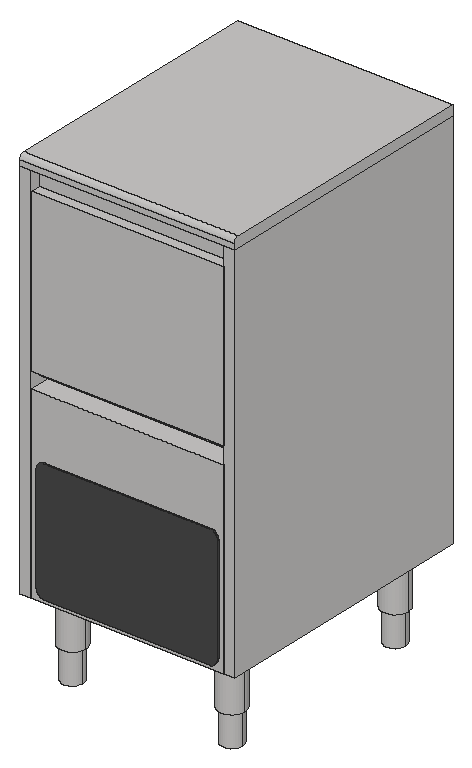
Revit family "QF_ZANUSSI_730315_ICB33I15SNP", category Attrezzature speciali, Revit 2018
Family settings
  Quota connettore circolare = Usa diametro
  Tipo di parte = Normale
  Basato su piano di lavoro = No
  Sempre verticale = Sì
  Taglio con vuoti quando caricato = No
  Condiviso = No
  Punto di calcolo locali = No
Parameters (values of type "Standard")
  Weight = 40.00 kg
  Watts = 1000 W
  Volts = 220 V
  URL Manufacturer = "http://www.zanussiprofessional.com"
  URL = "http://www.zanussiprofessional.com"
  Steam Supply Size = 0 mm
  Steam Supply Minimum Pressure = 0.0 Pa
  Steam Supply Maximum Pressure = 0.0 Pa
  Steam Pounds per Hour = 0
  Show Logo [instance] = yes
  Show Clearance [instance] = yes
  Refrigeration Suction Line Size = 0 mm
  Refrigeration Liquid Line Size = 0 mm
  Refrigerant Compressor Remote = yes
  Produttore = "Zanussi"
  Phase = 1
  Modello = "ICB33I15SNP"
  Length Actual = 405 mm  # constant formula
  Item Number = "730315"
  Hot Water Size = 0 mm
  Height Actual = 849 mm  # constant formula
  HP = "1.3 HP"
  Gas Size = 0 mm
  Gas KW = 0
  Gas Input Pressure = 0 W
  Descrizione = "WATER COOLED ICE CUBER 22GR 33KG/24H-BIN 15KG"
  Depth Actual = 515 mm  # constant formula
  Cycle = 50 Hz
  Condensate Return Size = 0 mm
  Compressed Air Volume = 0.0 L/s
  Compressed Air Size = 0 mm
  Compressed Air Pressure = 0.0 Pa
  Cold Water Size = 19.05 mm
  Accessory = yes
Reference planes
  plane 1 "Center X": y = 272.851
  plane 2: z = 0
  plane 3 "Center Y": x = -501.5
  plane 4 "LEFT": x = -704
  plane 5 "RIGHT": x = -299
  plane 6 "FRONT": y = 15.351
  plane 7 "BACK": y = 530.351
  plane 8: z = 152
  plane 9: z = 896
  plane 10: z = 876
  plane 11: x = -684
  plane 12: x = -319
  plane 13: y = 55.351
Forms (mm)
  Extrusion 1, solid, material "QF_Finishes_Black"
    sketch origin (-217.296, 15.251, 371.513) x (-1, 0, 0) y (0, 0, -1)
      loop
        arc (439.204, -18.487) -> (449.811, -14.093) -> (454.204, -3.487) r 15
        line (454.204, -3.487) -> (454.204, 197.469)
        arc (454.204, 197.469) -> (449.811, 208.075) -> (439.204, 212.469) r 15
        line (439.204, 212.469) -> (126.938, 212.469)
        arc (126.938, 212.469) -> (116.331, 208.075) -> (111.938, 197.469) r 15
        line (111.938, 197.469) -> (111.938, -3.487)
        arc (111.938, -3.487) -> (116.331, -14.093) -> (126.938, -18.487) r 15
        line (126.938, -18.487) -> (439.204, -18.487)
    from 0 to 2
  Extrusion 2, solid, material "QF_Finishes_Stainless Steel"
    sketch origin (-501.5, 0, 0) x (0, 1, 0) y (0, 0, 1)
      loop
        line (530.351, 876) -> (530.351, 896) -> (25.351, 896)
        arc (25.351, 896) -> (18.28, 893.071) -> (15.351, 886) r 10
        line (15.351, 886) -> (15.351, 876) -> (530.351, 876)
    from -202.5 to 202.5
  Extrusion 3, solid, material "QF_Finishes_Stainless Steel"
    sketch origin (-268.7, 530.351, -324.545) x (1, 0, 0) y (0, 0, -1)
      loop
        circle (-76.8, -652.545) r 10
    from 0 to 10
  Extrusion 4, solid, material "QF_Finishes_Stainless Steel"
    sketch origin (0, 0, 0) x (1, 0, 0) y (0, 1, 0)
      loop
        line (-704, 530.351) -> (-704, 15.351) -> (-684, 15.351) -> (-684, 530.351) -> (-704, 530.351)
    from 152 to 876
  Extrusion 5, solid, material "QF_Finishes_Stainless Steel"
    sketch origin (0, 0, 0) x (1, 0, 0) y (0, 1, 0)
      loop
        line (-319, 530.351) -> (-319, 15.351) -> (-299, 15.351) -> (-299, 530.351) -> (-319, 530.351)
    from 152 to 876
  Extrusion 6, solid, material "QF_Finishes_Stainless Steel"
    sketch origin (0, 0, 0) x (1, 0, 0) y (0, 1, 0)
      loop
        line (-684, 530.351) -> (-684, 55.351) -> (-319, 55.351) -> (-319, 530.351) -> (-684, 530.351)
    from 152 to 876
  Extrusion 7, solid, material "QF_Finishes_Stainless Steel"
    sketch origin (0, 0, 0) x (1, 0, 0) y (0, 1, 0)
      loop
        line (-684, 15.351) -> (-319, 15.351) -> (-319, 55.351) -> (-684, 55.351) -> (-684, 15.351)
    from 152 to 506.229
  Extrusion 8, solid, material "QF_Finishes_Stainless Steel"
    sketch origin (-501.5, 0, 0) x (0, 1, 0) y (0, 0, 1)
      loop
        line (55.351, 876) -> (35.351, 876) -> (35.351, 840) -> (15.351, 840) -> (15.351, 536.768) -> (35.351, 536.768) -> (35.351, 521) -> (55.351, 521) -> (55.351, 876)
    from -182.5 to 182.5
  Extrusion 9, solid, material "QF_Finishes_Stainless Steel"
    sketch origin (-263.2, 530.351, -450.545) x (1, 0, 0) y (0, 0, -1)
      loop
        circle (-76.8, -652.545) r 10
    from 0 to 10
  Extrusion 10, solid, material "QF_Finishes_Stainless Steel"
    sketch origin (-288.7, 530.351, -377.545) x (1, 0, 0) y (0, 0, -1)
      loop
        circle (-76.8, -652.545) r 10
    from 0 to 10
Lines and regions (mm)
  Split face 1
    outline origin (-501.5, 35.351, 876) x (0, 0, -1) y (1, 0, 0)
      loop
        line (5.715, 59.928) -> (30.715, 59.928) -> (30.715, 99.928) -> (5.715, 99.928) -> (5.715, 59.928)
  symbolic lines
    curve 1: line (-704, 530.351, 0) -> (-299, 530.351, 0)
    curve 2: line (-704, 15.351, 0) -> (-704, 530.351, 0)
    curve 3: line (-299, 15.351, 0) -> (-704, 15.351, 0)
    curve 4: line (-299, 530.351, 0) -> (-299, 15.351, 0)
Dimensions and locks
  equal spacing: plane 4 "LEFT", plane 3 "Center Y", plane 5 "RIGHT"
  plane 4 "LEFT" to plane 5 "RIGHT" = 405 mm
  equal spacing: plane 7 "BACK", plane 1 "Center X", plane 6 "FRONT"
  plane 7 "BACK" to plane 6 "FRONT" = 515 mm
  plane 8 to plane 2 = 152 mm
  plane 9 to plane 8 = 744 mm
  locked: plane 4 "LEFT" to plane 11 at 20
  locked: plane 12 to plane 5 "RIGHT" at 20
  locked: plane 9 to plane 10 at 20
  locked: plane 13 to plane 6 "FRONT" at 40
  aligned and locked: level to plane 2
  aligned and locked: plane 5 "RIGHT" to Extrusion 2
  aligned and locked: Extrusion 2 to plane 4 "LEFT"
  aligned and locked: Extrusion 4 sketch curve to Extrusion 2  (x2)
  aligned and locked: plane 6 "FRONT" to Extrusion 4 sketch curve
  aligned and locked: Extrusion 4 sketch curve to plane 11
  aligned and locked: Extrusion 5 sketch curve to plane 7 "BACK"
  aligned and locked: plane 12 to Extrusion 5 sketch curve
  aligned and locked: Extrusion 5 sketch curve to Extrusion 2  (x2)
  aligned and locked: plane 10 to Extrusion 4
  aligned and locked: plane 10 to Extrusion 5
  aligned and locked: Extrusion 4 to plane 8
  aligned and locked: Extrusion 5 to plane 8
  aligned and locked: Extrusion 6 sketch curve to Extrusion 4
  aligned and locked: Extrusion 4 to Extrusion 6 sketch curve
  aligned and locked: plane 13 to Extrusion 6 sketch curve
  aligned and locked: Extrusion 6 sketch curve to plane 12
  aligned and locked: plane 10 to Extrusion 6
  aligned and locked: Extrusion 6 to plane 8
  aligned and locked: Extrusion 4 to Extrusion 7 sketch curve
  aligned and locked: Extrusion 7 sketch curve to Extrusion 4
  aligned and locked: plane 13 to Extrusion 7 sketch curve
  aligned and locked: plane 12 to Extrusion 7 sketch curve
  aligned and locked: Extrusion 7 to plane 8
  aligned and locked: plane 12 to Extrusion 8
  aligned and locked: Extrusion 8 to plane 11
Automatic sketch dimensions
  curve 3 to plane 4 "LEFT" = 0 mm
  curve 3 to plane 5 "RIGHT" = 0 mm
  curve 3 to plane 6 "FRONT" = 0 mm
  curve 2 to plane 7 "BACK" = 0 mm
  Extrusion 1 sketch curve to plane 12 = 10.234 mm
  plane 8 to Extrusion 1 sketch curve = 7.044 mm
  Extrusion 1 sketch curve to Extrusion 1 sketch curve = 15 mm  (x3)
  plane 11 to Extrusion 1 sketch curve = 27.5 mm  (x2)
  Extrusion 1 sketch curve to Extrusion 1 sketch curve = 200.956 mm
  Extrusion 2 sketch curve to plane 6 "FRONT" = 0 mm
  Extrusion 2 sketch curve to plane 9 = 0 mm
  Extrusion 2 sketch curve to plane 7 "BACK" = 0 mm
  Extrusion 2 sketch curve to plane 10 = 0 mm
  plane 6 "FRONT" to Extrusion 2 sketch curve = 10 mm
  Extrusion 6 to Extrusion 3 sketch curve = 176 mm
  Extrusion 3 sketch curve to Extrusion 6 = 26.5 mm
  Extrusion 8 sketch curve to plane 6 "FRONT" = 0 mm
  Extrusion 8 sketch curve to plane 10 = 0 mm
  Extrusion 8 sketch curve to plane 13 = 0 mm
  plane 6 "FRONT" to Extrusion 8 sketch curve = 20 mm  (x2)
  Extrusion 8 sketch curve to plane 10 = 36 mm
  Extrusion 8 sketch curve to Extrusion 8 sketch curve = 303.232 mm
  Extrusion 8 sketch curve to Extrusion 8 sketch curve = 15.768 mm
  Split face 1 sketch curve to Extrusion 8 = 5.715 mm
  Extrusion 8 to Split face 1 sketch curve = 5.285 mm
  Split face 1 sketch curve to Extrusion 8 = 122.572 mm
  Split face 1 sketch curve to Split face 1 sketch curve = 40 mm
  Extrusion 9 sketch curve to Extrusion 6 = 21 mm
  Extrusion 6 to Extrusion 9 sketch curve = 50 mm
  Extrusion 10 sketch curve to Extrusion 6 = 46.5 mm
  Extrusion 6 to Extrusion 10 sketch curve = 123 mm
  radius of Extrusion 3 sketch curve = 10 mm
  radius of Extrusion 9 sketch curve = 10 mm
  radius of Extrusion 10 sketch curve = 10 mm
Nested families
  nested 1: "Foot_Complete" at (-652, 74.251, 0), type "Foot_Complete"
    with H 152 mm
  nested 2: "Foot_Complete" at (-351, 74.251, 0) x (-1, 0, 0) z (0, 0, 1), type "Foot_Complete"
    with H 152 mm
  nested 3: "Foot_Complete" at (-652, 459.451, 0), type "Foot_Complete"
    with H 152 mm
  nested 4: "Foot_Complete" at (-351, 459.451, 0) x (-1, 0, 0) z (0, 0, 1), type "Foot_Complete"
    with H 152 mm
Connectors
  electrical at (-340, 540.351, 202), driven by "Volts"
    settings: on Extrusion 9, index 1, voltage 220 V, apparent load 0 VA, apparent load phase1 0 VA, apparent load phase2 0 VA, apparent load phase3 0 VA, power factor 1, load classification "Altro", number of poles 1, system type 30, power factor state 1, is connector primary yes, connector utility no, sub classification motor no, connector description "Electrical Connection"
  piping at (-345.5, 540.351, 328), diameter 20
    settings: on Extrusion 3, index 2, connector inside diameter 609.6 mm, connector length 0 mm, flow factor 0, pipe flow 0.0 L/s, pressure drop 0.0 Pa, fitting loss kfactor 0, connector angle 0.00°, fixture units 0, engagement length 0 mm, angle of deflection 0.00°, flow configuration 0, flow direction 0, fitting loss method 0, system type 20, joint type 0, gender type 0, connector reference index -1, connector utility 0, adjustable connector no, is connector primary yes, connector description "Cold water"
  piping at (-365.5, 540.351, 275), diameter 20
    settings: on Extrusion 10, index 3, connector inside diameter 609.6 mm, connector length 0 mm, flow factor 0, pipe flow 0.0 L/s, pressure drop 0.0 Pa, fitting loss kfactor 0, connector angle 0.00°, fixture units 0, engagement length 0 mm, angle of deflection 0.00°, flow configuration 0, flow direction 0, fitting loss method 0, system type 16, joint type 0, gender type 0, connector reference index -1, connector utility 0, adjustable connector no, is connector primary no, connector description "Drain"
Definition of nested family "Foot_Complete"
  Parameters (values of type "Foot_Complete")
    R = 25 mm
    H = 153 mm
  Reference planes
    plane 1 "Centro (Fronte/Retro)": y = 0
    plane 2: z = 0
    plane 3 "Centro (Sinistra/Destra)": x = 0
    plane 4: z = 153
  Forms (mm)
    Revolve 1, solid
      sketch origin (255.05, 0, 608.09) x (0, 0, 1) y (-1, 0, 0)
        loop
          line (-608.09, 255.05) -> (-608.09, 235.05) -> (-548.09, 235.05) -> (-548.09, 230.05) -> (-455.09, 230.05) -> (-455.09, 255.05) -> (-608.09, 255.05)
        axis (-608.09, 255.05) -> (-455.09, 255.05)
      angle from 0 to 360
  Dimensions and locks
    level to Revolve 1 sketch curve = 60 mm
    "R": Revolve 1 sketch curve to plane 3 "Centro (Sinistra/Destra)"
    "H": plane 4 to level
    aligned and locked: level to plane 2
    aligned and locked: plane 4 to Revolve 1 sketch curve
    aligned and locked: Revolve 1 sketch curve to level
    aligned and locked: plane 3 "Centro (Sinistra/Destra)" to Revolve 1 sketch curve
  Automatic sketch dimensions
    Revolve 1 sketch curve to plane 3 "Centro (Sinistra/Destra)" = 0 mm
    plane 3 "Centro (Sinistra/Destra)" to Revolve 1 sketch curve = 20 mm
    Revolve 1 sketch curve to Revolve 1 sketch curve = 50 mm
    Revolve 1 sketch curve to Revolve 1 sketch curve = 20 mm
